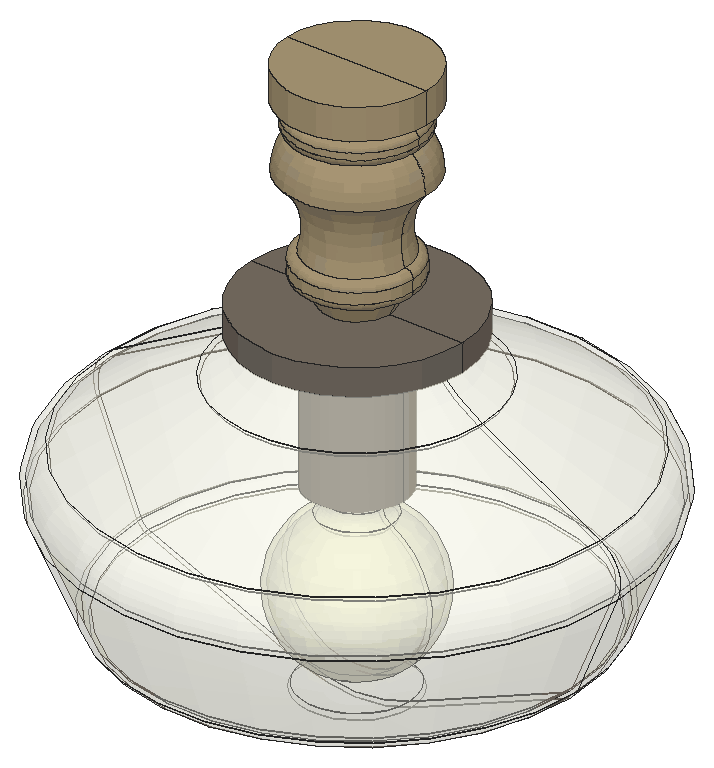
Revit family "SCPW10.WH2", category Lighting Fixtures, Revit 2024
Family settings
  Round Connector Dimension = Use Diameter
  Part Type = Normal
  OmniClass Number = 23.80.70.00
  OmniClass Title = Lighting
  Work Plane-Based = No
  Always vertical = Yes
  Cut with Voids When Loaded = No
  Light Source = No
  Maintain Annotation Orientation = No
  Shared = No
  Room Calculation Point = No
Parameters
  Default Elevation = 0' - 0"
Reference planes (in)
  plane 1 "Light Source Axis (F/B)": y = 0
  plane 2: z = 0
  plane 3 "Light Source Axis (L/R)": x = 0
  plane 4 "Light Source Elevation": z = 54
Forms (in)
  Revolve 1, solid, material "WOOD"
    sketch origin (0, 0, 18.44605) x (1, 0, 0) y (0, 0, 1)
      loop
        line (1.3203, 46.14761) -> (0, 46.14761) -> (0, 42.10101) -> (0.60935, 42.10101) -> (0.79685, 42.41351) -> (0.79685, 42.49161) -> (0.90465, 42.49161)
        arc (0.90465, 42.49161) -> (1.01072, 42.53555) -> (1.05465, 42.64161) r 0.15
        line (1.05465, 42.64161) -> (1.05465, 42.84161)
        arc (1.05465, 42.84161) -> (1.01072, 42.94768) -> (0.90465, 42.99161) r 0.15
        arc (0.90465, 42.99161) -> (0.88329, 43.73401) -> (1.29685, 44.35091) r 1.21857
        arc (1.29685, 44.35091) -> (1.23, 44.71114) -> (1.01405, 45.00711) r 0.82682
        arc (1.01405, 45.00711) -> (1.12012, 45.05105) -> (1.16405, 45.15711) r 0.15
        line (1.16405, 45.15711) -> (1.16405, 45.27891)
        arc (1.16405, 45.27891) -> (1.12012, 45.38498) -> (1.01405, 45.42891) r 0.15
        line (1.01405, 45.42891) -> (1.3203, 45.56951) -> (1.3203, 46.14761)
      axis (0, 46.14761) -> (0, 42.10101)
    angle from 0 to 360
  Revolve 2, solid, material "21P"
    sketch origin (0, 0, -3.32794) x (1, 0, 0) y (0, 0, 1)
      loop
        line (0, 63.875) -> (0, 63.78125) -> (1.90625, 63.78125) -> (1.90625, 63.375) -> (2, 63.375) -> (2, 63.875) -> (0, 63.875)
      loop
        line (1, 63.15625) -> (1.40815, 63.7672) -> (1.2954, 63.7672) -> (0.94988, 63.25) -> (0.72565, 63.25) -> (0.63459, 63.25) -> (0.63459, 63.0625) -> (0.72565, 63.0625)
        arc (0.72565, 63.0625) -> (0.76542, 63.04602) -> (0.7819, 63.00625) r 0.05625
        line (0.7819, 63.00625) -> (0.7819, 60.78125) -> (0.87565, 60.78125) -> (0.87565, 63.00625)
        arc (0.87565, 63.00625) -> (0.83171, 63.11232) -> (0.72565, 63.15625) r 0.15
        line (0.72565, 63.15625) -> (1, 63.15625)
      axis (0, 63.875) -> (0, 60.78125)
    angle from 0 to 360
  Revolve 3, solid, material "BULB"
    sketch origin (0, 0, -3.32794) x (1, 0, 0) y (0, 0, 1)
      loop
        arc (0.5, 60.71875) -> (0.46875, 60.77288) -> (0.40625, 60.77288) r 0.0625
        line (0.40625, 60.77288) -> (0.40625, 60.53788)
        arc (0.40625, 60.53788) -> (0.46395, 60.34725) -> (0.61768, 60.22061) r 0.34375
        arc (0.61768, 60.22061) -> (1.30154, 58.71376) -> (0, 57.69187) r 1.33981
        line (0, 57.69187) -> (0, 57.59812)
        arc (0, 57.59812) -> (1.39313, 58.69362) -> (0.65706, 60.30579) r 1.43356
        arc (0.65706, 60.30579) -> (0.54296, 60.39776) -> (0.5, 60.53788) r 0.25
        line (0.5, 60.53788) -> (0.5, 60.71875)
      axis (0, 60.77288) -> (0, 57.59812)
    angle from 0 to 360
  Revolve 4, solid, material "CLEAR"
    sketch origin (0, 0, 15.148) x (1, 0, 0) y (0, 0, 1)
      loop
        line (1.56409, 44.96157) -> (1.43274, 44.96157)
        arc (1.43274, 44.96157) -> (1.41203, 44.86901) -> (1.43981, 44.77832) r 0.18537
        arc (1.43981, 44.77832) -> (1.85735, 44.3876) -> (2.33315, 44.07041) r 3.48581
        line (2.33315, 44.07041) -> (4.58692, 42.87584)
        arc (4.58692, 42.87584) -> (4.88132, 42.53451) -> (4.86705, 42.08399) r 0.62054
        line (4.86705, 42.08399) -> (4.09197, 40.26779)
        arc (4.09197, 40.26779) -> (4.03513, 40.18409) -> (3.95092, 40.128) r 0.26339
        arc (3.95092, 40.128) -> (2.45005, 39.58672) -> (0.99238, 38.93802) r 21.98477
        arc (0.99238, 38.93802) -> (0.50466, 38.80034) -> (0, 38.75393) r 2.76691
        line (0, 38.75393) -> (0, 38.66018)
        arc (0, 38.66018) -> (0.52381, 38.70854) -> (1.0299, 38.852) r 2.86066
        arc (1.0299, 38.852) -> (2.48483, 39.49966) -> (3.98299, 40.03983) r 21.89102
        arc (3.98299, 40.03983) -> (4.0996, 40.11601) -> (4.1782, 40.23099) r 0.35714
        line (4.1782, 40.23099) -> (4.95327, 42.04719)
        arc (4.95327, 42.04719) -> (4.9697, 42.56578) -> (4.63082, 42.95867) r 0.71429
        line (4.63082, 42.95867) -> (2.37783, 44.15284)
        arc (2.37783, 44.15284) -> (1.91913, 44.45827) -> (1.51594, 44.83395) r 3.39206
        arc (1.51594, 44.83395) -> (1.51154, 44.9085) -> (1.56409, 44.96157) r 0.09162
      axis (0, 44.96157) -> (0, 38.66018)
    angle from 0 to 360
Dimensions and locks (in)
  aligned and locked: level to plane 2
